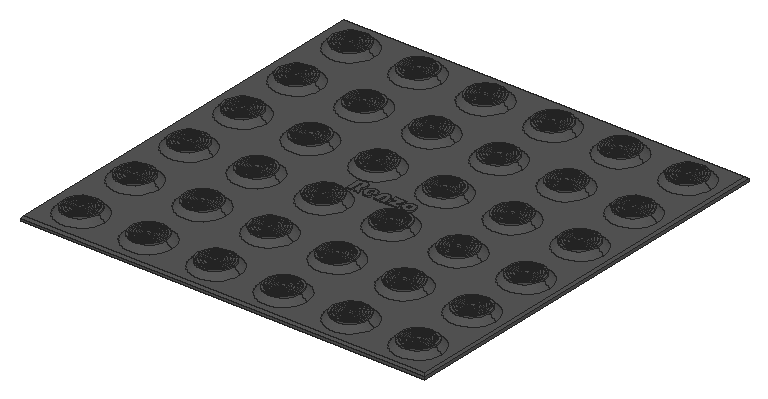
Revit family "Renzo Tile 300x300 Warning TGSI", category Generic Models, host Floor, Revit 2020
Family settings
  Host = Floor
  Can host rebar = No
  Round Connector Dimension = Use Diameter
  Part Type = Normal
  Always vertical = No
  Cut with Voids When Loaded = No
  Shared = No
  Room Calculation Point = No
Parameters (values of type "Renzo Tile 300x300 Black - Integrated Warning")
  Width 600 [instance] = no
  Width 300 [instance] = not(Width 600)  # yes
  W_Single Module [instance] = and(or(Length = 300 mm, Length < 300 mm), not(Width 300))  # no
  W_Multiple Module [instance] = and(not(Width 300), Length > 300 mm)  # no
  Single Module [instance] = or(Length = 300 mm, Length < 300 mm)  # yes
  Multiple Module [instance] = Length > 300 mm  # no
  URL = "https://korb.au/products/renzo%C2%AE-tile-integrated-warning?variant=45065701622036"
  Type Comments = "Mean Dry Luminance (LRV): 1.91\r\nMean Wet Luminance (LRV): 1.89"
  TGSI_Material = Opaque Black
  Number [instance] = if(Length > 300 mm, (Length / 300 mm), ((Length / 300 mm) + 1))  # 2
  Model = "Renzo® Tile 300x300 Black - Integrated Warning"
  Manufacturer = "Korb"  # constant formula
  Length [instance] = 300 mm
  Description = "Slip Resistance Classification: P5\r\nLuminous Contrast Requirement (LCR): 30%"
  Default Elevation = 0 mm
  Created_By = "Korb Pty Ltd"  # constant formula
  Assembly Code = "SKU: 123111"
Types (8, lengths in mm): name | URL | Type Comments | TGSI_Material | Model | Assembly Code
  Renzo Tile 300x300 Orange - Integrated Warning | "https://korb.au/products/renzo%C2%AE-tile-integrated-warning?variant=45065701818644" | "Mean Dry Luminance (LRV): 1.91\r\nMean Wet Luminance (LRV): 1.89" | Opaque Orange | "Renzo® Tile 300x300 Black - Integrated Warning" | "SKU: 123111"
  Renzo Tile 300x300 Black - Integrated Warning | "https://korb.au/products/renzo%C2%AE-tile-integrated-warning?variant=45065701622036" | "Mean Dry Luminance (LRV): 1.91\r\nMean Wet Luminance (LRV): 1.89" | Opaque Black | "Renzo® Tile 300x300 Black - Integrated Warning" | "SKU: 123111"
  Renzo Tile 300x300 Charcoal - Integrated Warning | "https://korb.au/products/renzo%C2%AE-tile-integrated-warning?variant=45065701654804" | "Mean Dry Luminance (LRV): 11.34\r\nMean Wet Luminance (LRV): 11.61" | Opaque Charcoal | "Renzo® Tile 300x300 Charcoal - Integrated Warning" | "SKU: 123112"
  Renzo Tile 300x300 Light Grey - Integrated Warning | "https://korb.au/products/renzo%C2%AE-tile-integrated-warning?variant=45065701687572" | "Mean Dry Luminance (LRV): 58.89\r\nMean Wet Luminance (LRV): 58.63" | Opaque  Light Grey | "Renzo® Tile 300x300 Light Grey - Integrated Warning" | "SKU: 123113"
  Renzo Tile 300x300 White - Integrated Warning | "https://korb.au/products/renzo%C2%AE-tile-integrated-warning?variant=45065701720340" | "Mean Dry Luminance (LRV): 87.6\r\nMean Wet Luminance (LRV): 87.65" | Opaque  White | "Renzo® Tile 300x300 White - Integrated Warning" | "SKU: 123114"
  Renzo Tile 300x300 Blue - Integrated Warning | "https://korb.au/products/renzo%C2%AE-tile-integrated-warning?variant=45065701753108" | "Mean Dry Luminance (LRV): 8.73\r\nMean Wet Luminance (LRV): 8.66" | Opaque  Blue | "Renzo® Tile 300x300 Blue - Integrated Warning" | "SKU: 123115"
  Renzo Tile 300x300 Red - Integrated Warning | "https://korb.au/products/renzo%C2%AE-tile-integrated-warning?variant=45065701785876" | "Mean Dry Luminance (LRV): 16.26\r\nMean Wet Luminance (LRV): 15.85" | Opaque  Red | "Renzo® Tile 300x300 Red - Integrated Warning" | "SKU: 123116"
  Renzo Tile 300x300 Yellow - Integrated Warning | "https://korb.au/products/renzo%C2%AE-tile-integrated-warning?variant=45065701851412" | "Mean Dry Luminance (LRV): 70.01\r\nMean Wet Luminance (LRV): 69.75" | Opaque  Yellow | "Renzo® Tile 300x300 Yellow - Integrated Warning" | "SKU: 123118"
Reference planes
  plane 1 "Center (Front/Back)": y = 0
  plane 2: z = 0
  plane 3 "Center (Left/Right)": x = 0
  plane 4: x = 300
  plane 5: x = 450
  plane 6: y = 150
  plane 7: y = -150
Lines and regions (mm)
  reference lines
    curve 1: line (0, 0, 0) -> (300, 0, 0)
Dimensions and locks
  "Length": plane 3 "Center (Left/Right)" to plane 4
  locked: plane 3 "Center (Left/Right)" to plane 5 at 450
  plane 7 to plane 1 "Center (Front/Back)" to plane 6 = 150 mm, 150 mm
  group 1 to group 2 = 300 mm
  group 1 to group 2 = 0 mm  (x2)
  group 3 to group 4 = 300 mm
  group 3 to group 4 = 0 mm  (x2)
  aligned and locked: level to plane 2
  aligned and locked: plane 4 to curve 1
  aligned and locked: plane 3 "Center (Left/Right)" to curve 1
  aligned and locked: nested 1 to plane 3 "Center (Left/Right)"
  aligned and locked: plane 1 "Center (Front/Back)" to nested 1
  aligned and locked: plane 1 "Center (Front/Back)" to nested 3
  aligned and locked: nested 3 to plane 3 "Center (Left/Right)"
  aligned and locked: plane 5 to nested 2
  aligned and locked: nested 4 to plane 3 "Center (Left/Right)"
  aligned and locked: nested 4 to plane 6
  aligned and locked: nested 5 to plane 6
  aligned and locked: nested 5 to plane 3 "Center (Left/Right)"
  aligned and locked: plane 5 to nested 6
Automatic sketch dimensions
  plane 1 "Center (Front/Back)" to curve 1 = 0 mm
Nested families
  nested 1: "Renzo Tile 300x300 Warning module" at (150, 0, 0), visible <- "Multiple Module", type "Renzo Tile 300x300 Warning module"
  nested 2: "Renzo Tile 300x300 Warning module" at (450, 0, 0), visible <- "Multiple Module", type "Renzo Tile 300x300 Warning module"
  nested 3: "Renzo Tile 300x300 Warning module" at (150, 0, 0), visible <- "Single Module", type "Renzo Tile 300x300 Warning module"
  nested 4: "Renzo Tile 300x300 Warning module" at (150, 300, 0), visible <- "W_Single Module", type "Renzo Tile 300x300 Warning module"
  nested 5: "Renzo Tile 300x300 Warning module" at (150, 300, 0), visible <- "W_Multiple Module", type "Renzo Tile 300x300 Warning module"
  nested 6: "Renzo Tile 300x300 Warning module" at (450, 300, 0), visible <- "W_Multiple Module", type "Renzo Tile 300x300 Warning module"
Definition of nested family "Renzo Tile 300x300 Warning module"
  Parameters (values of type "Renzo Tile 300x300 Warning module")
    TGSI Material = none
    Default Elevation = 0 mm
  Reference planes
    plane 1 "Center (Front/Back)": y = 0
    plane 2: z = 0
    plane 3 "Center (Left/Right)": x = 0
  Forms (mm)
    Extrusion 1, solid, material <- "TGSI Material"
      sketch origin (-150, 0, 0) x (1, 0, 0) y (0, 1, 0)
        loop
          line (50, -100) -> (250, -100) -> (250, 100) -> (50, 100) -> (50, -100)
      from 0 to 3
    Sweep 2, solid, material <- "TGSI Material"
      path origin (-150, 0, 0) x (1, 0, 0) y (0, 1, 0)
        loop
          line (0, 150) -> (0, -150) -> (300, -150) -> (300, 150) -> (0, 150)
      profile origin (0, 150, 0) x (0, 1, 0) y (0, 0, 1)
        loop
          line (0, 1.5) -> (-1.5, 3) -> (-50, 3) -> (-50, 0) -> (0, 0) -> (0, 1.5)
    Extrusion 3, solid, material <- "TGSI Material"
      sketch origin (177.78, -296.899, 0) x (1, 0, 0) y (0, 1, 0)
        loop
          line (-201.347, 302.899) -> (-201.347, 290.899) -> (-197.783, 290.899) -> (-197.783, 299.661) -> (-196.903, 299.661)
          arc (-196.903, 299.661) -> (-196.186, 299.466) -> (-195.823, 298.817) r 0.96
          arc (-195.823, 298.817) -> (-196.342, 298.033) -> (-197.263, 297.844) r 1.23
          line (-197.263, 297.844) -> (-197.263, 294.768) -> (-195.534, 290.899) -> (-191.775, 290.899) -> (-193.845, 295.848)
          arc (-193.845, 295.848) -> (-192.657, 297.256) -> (-192.233, 299.049) r 3.97
          arc (-192.233, 299.049) -> (-193.574, 301.79) -> (-196.417, 302.899) r 4.198
          line (-196.417, 302.899) -> (-201.347, 302.899)
        loop
          line (-185.427, 296.298) -> (-187.225, 296.298)
          arc (-187.225, 296.298) -> (-187.391, 295.524) -> (-187.225, 294.749) r 1.893
          line (-187.225, 294.749) -> (-182.134, 294.749)
          arc (-182.134, 294.749) -> (-190.741, 297.335) -> (-183.71, 291.738) r 4.576
          line (-183.71, 291.738) -> (-185.606, 293.994)
          arc (-185.606, 293.994) -> (-186.762, 293.585) -> (-187.74, 294.323) r 1.294
          arc (-187.74, 294.323) -> (-187.97, 295.521) -> (-187.616, 296.688) r 2.546
          arc (-187.616, 296.688) -> (-186.386, 297.251) -> (-185.427, 296.298) r 1.188
        loop
          line (-180.752, 295.952) -> (-180.752, 290.899) -> (-177.5, 290.899) -> (-177.5, 295.959)
          arc (-177.5, 295.959) -> (-176.852, 296.607) -> (-176.204, 295.959) r 0.648
          line (-176.204, 295.959) -> (-176.204, 290.899) -> (-172.952, 290.899) -> (-172.952, 295.952)
          arc (-172.952, 295.952) -> (-176.852, 299.852) -> (-180.752, 295.952) r 3.9
        loop
          line (-171.688, 290.899) -> (-163.249, 290.899) -> (-163.249, 294.354) -> (-166.344, 294.354) -> (-163.644, 299.661) -> (-171.794, 299.661) -> (-171.794, 296.225) -> (-169.007, 296.225) -> (-171.688, 290.899)
        loop
          circle (-158.084, 295.28) r 4.561
        loop
          circle (-158.084, 295.28) r 1.335
      from 0 to 3.5
  Cuts and joins
    joined: Extrusion 1, Sweep 2, Extrusion 3
  Dimensions and locks
    aligned and locked: level to plane 2
    aligned and locked: Extrusion 1 sketch curve to Sweep 2  (x4)
  Nested families
    nested 1: "Renzo Tile 300x300 Warning" at (-125, -125, 3), Material <- "TGSI Material", type "Renzo Tile 300x300 Warning"
      with Material none
    nested 2: "Renzo Tile 300x300 Warning" at (-125, -75, 3), Material <- "TGSI Material", type "Renzo Tile 300x300 Warning"
      with Material none
    nested 3: "Renzo Tile 300x300 Warning" at (-125, -25, 3), Material <- "TGSI Material", type "Renzo Tile 300x300 Warning"
      with Material none
    nested 4: "Renzo Tile 300x300 Warning" at (-125, 25, 3), Material <- "TGSI Material", type "Renzo Tile 300x300 Warning"
      with Material none
    nested 5: "Renzo Tile 300x300 Warning" at (-125, 75, 3), Material <- "TGSI Material", type "Renzo Tile 300x300 Warning"
      with Material none
    nested 6: "Renzo Tile 300x300 Warning" at (-125, 125, 3), Material <- "TGSI Material", type "Renzo Tile 300x300 Warning"
      with Material none
    nested 7: "Renzo Tile 300x300 Warning" at (-75, -125, 3), Material <- "TGSI Material", type "Renzo Tile 300x300 Warning"
      with Material none
    nested 8: "Renzo Tile 300x300 Warning" at (-75, -75, 3), Material <- "TGSI Material", type "Renzo Tile 300x300 Warning"
      with Material none
    nested 9: "Renzo Tile 300x300 Warning" at (-75, -25, 3), Material <- "TGSI Material", type "Renzo Tile 300x300 Warning"
      with Material none
    nested 10: "Renzo Tile 300x300 Warning" at (-75, 25, 3), Material <- "TGSI Material", type "Renzo Tile 300x300 Warning"
      with Material none
    nested 11: "Renzo Tile 300x300 Warning" at (-75, 75, 3), Material <- "TGSI Material", type "Renzo Tile 300x300 Warning"
      with Material none
    nested 12: "Renzo Tile 300x300 Warning" at (-75, 125, 3), Material <- "TGSI Material", type "Renzo Tile 300x300 Warning"
      with Material none
    nested 13: "Renzo Tile 300x300 Warning" at (-25, -125, 3), Material <- "TGSI Material", type "Renzo Tile 300x300 Warning"
      with Material none
    nested 14: "Renzo Tile 300x300 Warning" at (-25, -75, 3), Material <- "TGSI Material", type "Renzo Tile 300x300 Warning"
      with Material none
    nested 15: "Renzo Tile 300x300 Warning" at (-25, -25, 3), Material <- "TGSI Material", type "Renzo Tile 300x300 Warning"
      with Material none
    nested 16: "Renzo Tile 300x300 Warning" at (-25, 25, 3), Material <- "TGSI Material", type "Renzo Tile 300x300 Warning"
      with Material none
    nested 17: "Renzo Tile 300x300 Warning" at (-25, 75, 3), Material <- "TGSI Material", type "Renzo Tile 300x300 Warning"
      with Material none
    nested 18: "Renzo Tile 300x300 Warning" at (-25, 125, 3), Material <- "TGSI Material", type "Renzo Tile 300x300 Warning"
      with Material none
    nested 19: "Renzo Tile 300x300 Warning" at (25, -125, 3) x (-1, 0, 0) z (0, 0, 1), Material <- "TGSI Material", type "Renzo Tile 300x300 Warning"
      with Material none
    nested 20: "Renzo Tile 300x300 Warning" at (25, -75, 3) x (-1, 0, 0) z (0, 0, 1), Material <- "TGSI Material", type "Renzo Tile 300x300 Warning"
      with Material none
    nested 21: "Renzo Tile 300x300 Warning" at (25, -25, 3) x (-1, 0, 0) z (0, 0, 1), Material <- "TGSI Material", type "Renzo Tile 300x300 Warning"
      with Material none
    nested 22: "Renzo Tile 300x300 Warning" at (25, 25, 3) x (-1, 0, 0) z (0, 0, 1), Material <- "TGSI Material", type "Renzo Tile 300x300 Warning"
      with Material none
    nested 23: "Renzo Tile 300x300 Warning" at (25, 75, 3) x (-1, 0, 0) z (0, 0, 1), Material <- "TGSI Material", type "Renzo Tile 300x300 Warning"
      with Material none
    nested 24: "Renzo Tile 300x300 Warning" at (25, 125, 3) x (-1, 0, 0) z (0, 0, 1), Material <- "TGSI Material", type "Renzo Tile 300x300 Warning"
      with Material none
    nested 25: "Renzo Tile 300x300 Warning" at (125, -125, 3) x (-1, 0, 0) z (0, 0, 1), Material <- "TGSI Material", type "Renzo Tile 300x300 Warning"
      with Material none
    nested 26: "Renzo Tile 300x300 Warning" at (125, -75, 3) x (-1, 0, 0) z (0, 0, 1), Material <- "TGSI Material", type "Renzo Tile 300x300 Warning"
      with Material none
    nested 27: "Renzo Tile 300x300 Warning" at (125, -25, 3) x (-1, 0, 0) z (0, 0, 1), Material <- "TGSI Material", type "Renzo Tile 300x300 Warning"
      with Material none
    nested 28: "Renzo Tile 300x300 Warning" at (125, 25, 3) x (-1, 0, 0) z (0, 0, 1), Material <- "TGSI Material", type "Renzo Tile 300x300 Warning"
      with Material none
    nested 29: "Renzo Tile 300x300 Warning" at (125, 75, 3) x (-1, 0, 0) z (0, 0, 1), Material <- "TGSI Material", type "Renzo Tile 300x300 Warning"
      with Material none
    nested 30: "Renzo Tile 300x300 Warning" at (125, 125, 3) x (-1, 0, 0) z (0, 0, 1), Material <- "TGSI Material", type "Renzo Tile 300x300 Warning"
      with Material none
    nested 31: "Renzo Tile 300x300 Warning" at (75, -125, 3) x (-1, 0, 0) z (0, 0, 1), Material <- "TGSI Material", type "Renzo Tile 300x300 Warning"
      with Material none
    nested 32: "Renzo Tile 300x300 Warning" at (75, -75, 3) x (-1, 0, 0) z (0, 0, 1), Material <- "TGSI Material", type "Renzo Tile 300x300 Warning"
      with Material none
    nested 33: "Renzo Tile 300x300 Warning" at (75, -25, 3) x (-1, 0, 0) z (0, 0, 1), Material <- "TGSI Material", type "Renzo Tile 300x300 Warning"
      with Material none
    nested 34: "Renzo Tile 300x300 Warning" at (75, 25, 3) x (-1, 0, 0) z (0, 0, 1), Material <- "TGSI Material", type "Renzo Tile 300x300 Warning"
      with Material none
    nested 35: "Renzo Tile 300x300 Warning" at (75, 75, 3) x (-1, 0, 0) z (0, 0, 1), Material <- "TGSI Material", type "Renzo Tile 300x300 Warning"
      with Material none
    nested 36: "Renzo Tile 300x300 Warning" at (75, 125, 3) x (-1, 0, 0) z (0, 0, 1), Material <- "TGSI Material", type "Renzo Tile 300x300 Warning"
      with Material none
  Definition of nested family "Renzo Tile 300x300 Warning"
    Parameters (values of type "Renzo Tile 300x300 Warning")
      Material [instance] = none
      Default Elevation = 0 mm
    Reference planes
      plane 1 "Center (Front/Back)": y = 0
      plane 2: z = 0
      plane 3 "Center (Left/Right)": x = 0
    Forms (mm)
      Revolve 1, solid, material <- "Material", detail levels medium+fine
        sketch origin (0, 0, 0) x (1, 0, 0) y (0, 0, 1)
          loop
            line (0, 0) -> (17.5, 0) -> (13, 3.8) -> (13, 4.6) -> (11.9, 4.6) -> (11.9, 3.8) -> (11, 3.8) -> (11, 4.6) -> (10.1, 4.6) -> (10.1, 3.8) -> (9.2, 3.8) -> (9.2, 4.6) -> (8.3, 4.6) -> (8.3, 3.8) -> (7.4, 3.8) -> (7.4, 4.6) -> (6.5, 4.6) -> (6.5, 3.8) -> (5.6, 3.8) -> (5.6, 4.6) -> (4.7, 4.6) -> (4.7, 3.8) -> (3.8, 3.8) -> (3.8, 4.6) -> (2.9, 4.6) -> (2.9, 3.8) -> (2, 3.8) -> (2, 4.6) -> (0, 4.6) -> (0, 0)
          axis (0, 4.6) -> (0, 0)
        angle from 0 to 360
    Lines and regions (mm)
      Masking region 1
        outline origin (0, 0, 0) x (1, 0, 0) y (0, 1, 0)
          loop
            circle (0, 0) r 17.5
      model lines
        curve 1: circle (0, 0, 0) r 13 normal (0, 0, 1)
        curve 2: circle (0, 0, 0) r 4 normal (0, 0, 1)
    Dimensions and locks
      aligned and locked: level to plane 2
